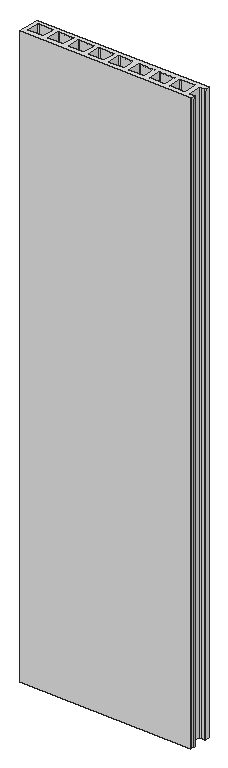
Revit family "ECP_MNH-7560A(オス側カット)", category 一般モデル, Revit 2022
Family settings
  鉄筋をホスト可能 = いいえ
  丸型コネクタ寸法 = 直径を使用
  パーツ タイプ = 標準
  作業面ベース = いいえ
  常に垂直 = はい
  ロード時にボイドで切り取り = はい
  注釈の向きを維持 = いいえ
  共有 = いいえ
  部屋計算ポイント = いいえ
Parameters (values of type "ECP_MNH-7560A")
  長さ [instance] = 2000 mm
  穴表示 = yes
  材質 = 40Msr_ECP
  既定の高さ = 0 mm
  既存長さ = 500 mm
  幅 [instance] = 590 mm
  固定寸法 = 590 mm
  厚さ = 75 mm
  オース側カット [instance] = 固定寸法 - 幅  # 0 mm
  4 オス側カット [instance] = yes
Reference planes
  plane 1 "中心(正面/背面)": y = 0
  plane 2: z = 0
  plane 3 "中心(左/右)": x = 0
  plane 4: y = -37.5
  plane 5: y = 37.5
  plane 6: z = 2000
  plane 7: x = 590
  plane 8: x = 0
Forms (mm)
  Extrusion 1, solid, material "40Msr_ECP" <- "材質", detail levels fine
    sketch origin (0, 0, 0) x (1, 0, 0) y (0, 1, 0)
      loop
        line (0, -35.5) -> (2, -37.5) -> (588, -37.5) -> (590, -35.5) -> (590, -25.5)
        arc (590, -25.5) -> (589.121, -23.379) -> (587, -22.5) r 3
        line (587, -22.5) -> (573, -22.5)
        arc (573, -22.5) -> (570.879, -21.621) -> (570, -19.5) r 3
        line (570, -19.5) -> (570, 19.5)
        arc (570, 19.5) -> (570.879, 21.621) -> (573, 22.5) r 3
        line (573, 22.5) -> (587, 22.5)
        arc (587, 22.5) -> (589.121, 23.379) -> (590, 25.5) r 3
        line (590, 25.5) -> (590, 35.5) -> (588, 37.5) -> (2, 37.5) -> (0, 35.5) -> (0, 22.5)
        arc (0, 22.5) -> (-0.879, 20.379) -> (-3, 19.5) r 3
        line (-3, 19.5) -> (-17, 19.5)
        arc (-17, 19.5) -> (-19.121, 18.621) -> (-20, 16.5) r 3
        line (-20, 16.5) -> (-20, -16.5)
        arc (-20, -16.5) -> (-19.121, -18.621) -> (-17, -19.5) r 3
        line (-17, -19.5) -> (-3, -19.5)
        arc (-3, -19.5) -> (-0.879, -20.379) -> (0, -22.5) r 3
        line (0, -22.5) -> (0, -35.5)
    from 0 to 2000
  Extrusion 2, void
    sketch origin (-50, 0, 0) x (1, 0, 0) y (0, 1, 0)
      loop
        line (50, -37.5) -> (50, 37.5) -> (30, 37.5) -> (30, -37.5) -> (50, -37.5)
    from 0 to 2000
  Extrusion 3, void
    sketch origin (-617, 0, 0) x (1, 0, 0) y (0, 1, 0)
      loop
        line (635, -22.5) -> (683, -22.5)
        arc (683, -22.5) -> (685.122, -21.621) -> (686, -19.5) r 3
        line (686, -19.5) -> (686, 19.5)
        arc (686, 19.5) -> (685.122, 21.621) -> (683, 22.5) r 3
        line (683, 22.5) -> (635, 22.5)
        arc (635, 22.5) -> (632.879, 21.621) -> (632, 19.5) r 3
        line (632, 19.5) -> (632, -19.5)
        arc (632, -19.5) -> (632.879, -21.621) -> (635, -22.5) r 3
      loop
        line (773.6, -22.5) -> (822, -22.5)
        arc (822, -22.5) -> (824.122, -21.621) -> (825, -19.5) r 3
        line (825, -19.5) -> (825, 19.5)
        arc (825, 19.5) -> (824.122, 21.621) -> (822, 22.5) r 3
        line (822, 22.5) -> (773.6, 22.5)
        arc (773.6, 22.5) -> (771.479, 21.621) -> (770.6, 19.5) r 3
        line (770.6, 19.5) -> (770.6, -19.5)
        arc (770.6, -19.5) -> (771.479, -21.621) -> (773.6, -22.5) r 3
      loop
        line (843, -22.5) -> (891.6, -22.5)
        arc (891.6, -22.5) -> (893.722, -21.621) -> (894.6, -19.5) r 3
        line (894.6, -19.5) -> (894.6, 19.5)
        arc (894.6, 19.5) -> (893.722, 21.621) -> (891.6, 22.5) r 3
        line (891.6, 22.5) -> (843, 22.5)
        arc (843, 22.5) -> (840.879, 21.621) -> (840, 19.5) r 3
        line (840, 19.5) -> (840, -19.5)
        arc (840, -19.5) -> (840.879, -21.621) -> (843, -22.5) r 3
      loop
        line (912.6, -22.5) -> (961, -22.5)
        arc (961, -22.5) -> (963.122, -21.621) -> (964, -19.5) r 3
        line (964, -19.5) -> (964, 19.5)
        arc (964, 19.5) -> (963.122, 21.621) -> (961, 22.5) r 3
        line (961, 22.5) -> (912.6, 22.5)
        arc (912.6, 22.5) -> (910.479, 21.621) -> (909.6, 19.5) r 3
        line (909.6, 19.5) -> (909.6, -19.5)
        arc (909.6, -19.5) -> (910.479, -21.621) -> (912.6, -22.5) r 3
      loop
        line (982, -22.5) -> (1030.6, -22.5)
        arc (1030.6, -22.5) -> (1032.722, -21.621) -> (1033.6, -19.5) r 3
        line (1033.6, -19.5) -> (1033.6, 19.5)
        arc (1033.6, 19.5) -> (1032.722, 21.621) -> (1030.6, 22.5) r 3
        line (1030.6, 22.5) -> (982, 22.5)
        arc (982, 22.5) -> (979.879, 21.621) -> (979, 19.5) r 3
        line (979, 19.5) -> (979, -19.5)
        arc (979, -19.5) -> (979.879, -21.621) -> (982, -22.5) r 3
      loop
        line (1051.6, -22.5) -> (1100, -22.5)
        arc (1100, -22.5) -> (1102.122, -21.621) -> (1103, -19.5) r 3
        line (1103, -19.5) -> (1103, 19.5)
        arc (1103, 19.5) -> (1102.122, 21.621) -> (1100, 22.5) r 3
        line (1100, 22.5) -> (1051.6, 22.5)
        arc (1051.6, 22.5) -> (1049.479, 21.621) -> (1048.6, 19.5) r 3
        line (1048.6, 19.5) -> (1048.6, -19.5)
        arc (1048.6, -19.5) -> (1049.479, -21.621) -> (1051.6, -22.5) r 3
      loop
        line (704, -22.5) -> (752.6, -22.5)
        arc (752.6, -22.5) -> (754.722, -21.621) -> (755.6, -19.5) r 3
        line (755.6, -19.5) -> (755.6, 19.5)
        arc (755.6, 19.5) -> (754.722, 21.621) -> (752.6, 22.5) r 3
        line (752.6, 22.5) -> (704, 22.5)
        arc (704, 22.5) -> (701.879, 21.621) -> (701, 19.5) r 3
        line (701, 19.5) -> (701, -19.5)
        arc (701, -19.5) -> (701.879, -21.621) -> (704, -22.5) r 3
      loop
        line (1121, -22.5) -> (1169, -22.5)
        arc (1169, -22.5) -> (1171.122, -21.621) -> (1172, -19.5) r 3
        line (1172, -19.5) -> (1172, 19.5)
        arc (1172, 19.5) -> (1171.122, 21.621) -> (1169, 22.5) r 3
        line (1169, 22.5) -> (1121, 22.5)
        arc (1121, 22.5) -> (1118.879, 21.621) -> (1118, 19.5) r 3
        line (1118, 19.5) -> (1118, -19.5)
        arc (1118, -19.5) -> (1118.879, -21.621) -> (1121, -22.5) r 3
    from 0 to 2000
Cuts and joins
  Extrusion 2, Extrusion 3 cuts Extrusion 1
Lines and regions (mm)
  symbolic lines, style "ECPパネル", detail levels coarse+medium
    curve 1: line (0, 37.5, 0) -> (590, 37.5, 0)
    curve 2: line (0, -37.5, 0) -> (0, 37.5, 0)
    curve 3: line (590, -37.5, 0) -> (0, -37.5, 0)
    curve 4: line (590, 37.5, 0) -> (590, -37.5, 0)
    curve 5: line (0, 0, 0) -> (590, 0, 0)
    curve 6: line (0, 0, 2000) -> (0, 0, 0)
    curve 7: line (590, 0, 2000) -> (0, 0, 2000)
    curve 8: line (590, 0, 0) -> (590, 0, 2000)
    curve 9: line (0, -37.5, 2000) -> (0, 37.5, 2000)
    curve 10: line (0, -37.5, 0) -> (0, -37.5, 2000)
    curve 11: line (0, 37.5, 0) -> (0, -37.5, 0)
    curve 12: line (0, 37.5, 2000) -> (0, 37.5, 0)
Dimensions and locks
  "厚さ": plane 4 to plane 5
  "長さ": plane 6 to level
  equal spacing: plane 4, plane 1 "中心(正面/背面)", plane 5
  "長さ": cut or joined group of Extrusion 1, Extrusion 2, Extrusion 3 to level
  "長さ": Extrusion 2 to level
  "幅": cut or joined group of Extrusion 1, Extrusion 2, Extrusion 3 to curve 8
  "長さ": level to Extrusion 3
  "固定寸法": plane 3 "中心(左/右)" to plane 7
  "オース側カット": plane 3 "中心(左/右)" to Extrusion 2 sketch curve
  "幅": plane 8 to plane 7
  aligned and locked: level to plane 2
Automatic sketch dimensions
  curve 11 to level = 0 mm
  curve 11 to plane 4 = 0 mm
  curve 11 to plane 5 = 0 mm
  curve 10 to plane 6 = 0 mm
  Extrusion 1 sketch curve to plane 3 "中心(左/右)" = 0 mm  (x2)
  plane 5 to Extrusion 1 sketch curve = 0 mm
  plane 4 to Extrusion 1 sketch curve = 0 mm
  Extrusion 1 sketch curve to plane 3 "中心(左/右)" = 3 mm  (x2)
  Extrusion 1 sketch curve to Extrusion 1 sketch curve = 14 mm  (x4)
  Extrusion 1 sketch curve to Extrusion 1 sketch curve = 3 mm  (x3)
  plane 3 "中心(左/右)" to Extrusion 1 sketch curve = 2 mm  (x2)
  plane 1 "中心(正面/背面)" to Extrusion 1 sketch curve = 19.5 mm
  Extrusion 1 sketch curve to Extrusion 1 sketch curve = 1 mm  (x2)
  Extrusion 1 sketch curve to Extrusion 1 sketch curve = 2 mm  (x2)
  Extrusion 1 sketch curve to plane 4 = 2 mm  (x2)
  Extrusion 1 sketch curve to Extrusion 1 sketch curve = 13 mm
  Extrusion 1 sketch curve to plane 1 "中心(正面/背面)" = 16.5 mm
  Extrusion 1 sketch curve to plane 1 "中心(正面/背面)" = 19.5 mm
  plane 5 to Extrusion 1 sketch curve = 2 mm  (x2)
  Extrusion 1 sketch curve to Extrusion 1 sketch curve = 568 mm
  curve 7 to plane 3 "中心(左/右)" = 0 mm
  curve 5 to level = 0 mm
  curve 7 to plane 6 = 0 mm
  plane 4 to Extrusion 2 sketch curve = 0 mm
  plane 5 to Extrusion 2 sketch curve = 0 mm
  Extrusion 2 sketch curve to plane 3 "中心(左/右)" = 20 mm
  plane 3 "中心(左/右)" to Extrusion 3 sketch curve = 15 mm
  Extrusion 3 sketch curve to Extrusion 3 sketch curve = 3 mm  (x24)
  Extrusion 3 sketch curve to plane 4 = 15 mm  (x2)
  Extrusion 3 sketch curve to Extrusion 3 sketch curve = 48 mm
  plane 5 to Extrusion 3 sketch curve = 15 mm  (x6)
  Extrusion 3 sketch curve to Extrusion 3 sketch curve = 0 mm  (x10)
  Extrusion 3 sketch curve to Extrusion 3 sketch curve = 15 mm  (x7)
  Extrusion 3 sketch curve to Extrusion 3 sketch curve = 48.6 mm  (x3)
  Extrusion 3 sketch curve to plane 4 = 18 mm  (x6)
  Extrusion 3 sketch curve to Extrusion 3 sketch curve = 48.4 mm  (x3)
  Extrusion 3 sketch curve to plane 7 = 38 mm
  plane 4 to curve 2 = 0 mm
  curve 2 to plane 8 = 0 mm
  curve 4 to plane 7 = 0 mm
  plane 5 to curve 1 = 0 mm
